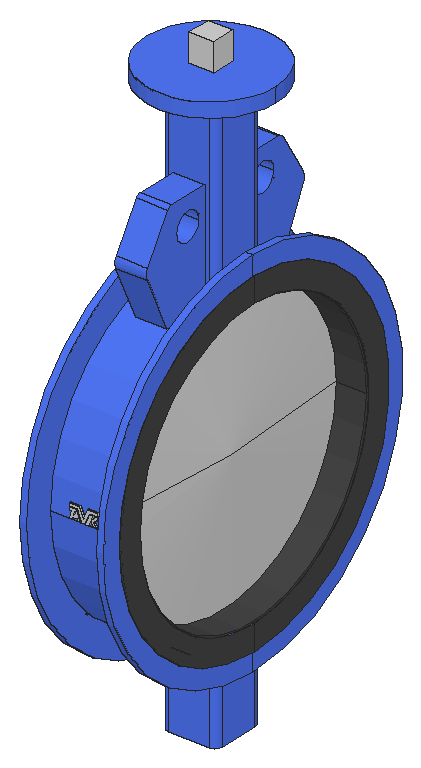
Revit family "820-00-024 DN200-300", category Pipe Accessories, Revit 2022
Family settings
  Round Connector Dimension = Use Diameter
  Part Type = Valve - Breaks Into
  Work Plane-Based = No
  Always vertical = Yes
  Cut with Voids When Loaded = No
  Shared = No
Parameters (values of type "DN200_PN10/16")
  fillet = 2 * Body_wallthickness  # 20 mm
  disk = LUG_T * 0.75  # 21.75 mm
  Wafer_dim1 = L2 + L2 * 0.35  # 175.5 mm
  Wafer_dim = L2 * 0.4  # 52 mm
  Wafer_Dim2 = Wafer_dim * 1.2  # 62.4 mm
  W2_ref = size_lookup(Search_table, "W2", 0 mm, DN)  # 240 mm
  URL product pages = "https://www.avkvalves.com/P.aspx?no=820006500521L0160002"
  Search_table = "820-00-024 DN200-300"
  PCD = size_lookup(Search_table, "PCD", 0 mm, DN) / 2  # 147.5 mm
  Lug_D = (Hole_dia / 2) * 1.4  # 14 mm
  L_ref_3 = L_ref / 1.2  # 31.667 mm
  L_ref_2 = L_ref * 2  # 76 mm
  L_ref = [L-2] - (Flange_thickness * 2)  # 38 mm
  LUG_T = [L-2] * 0.5  # 29 mm
  L2 = size_lookup(Search_table, "L2", 0 mm, DN) / 2  # 130 mm
  L-2 = size_lookup(Search_table, "L", 0 mm, DN) - 2 mm  # 58 mm
  L = size_lookup(Search_table, "L", 0 mm, DN)  # 60 mm
  ID = DN / 2  # 100 mm
  Hole_dia = size_lookup(Search_table, "Hole_dia", 0 mm, DN)  # 20 mm
  Hole_L1 = L2 + L2 * 0.2  # 156 mm
  Hole_L = L2 / 3.8  # 34.211 mm
  H2 = size_lookup(Search_table, "H2", 0 mm, DN)  # 174 mm
  Flange_thickness = size_lookup(Search_table, "Flange_Thickness", 0 mm, DN)  # 10 mm
  Fillet = Hole_dia  # 20 mm
  FL_T = Body_wallthickness + Body_wallthickness * 0.5  # 15 mm
  FL_R = ID + Body_wallthickness  # 110 mm
  F2 = size_lookup(Search_table, "F2", 0 mm, DN)  # 19 mm
  F = size_lookup(Search_table, "F", 0 mm, DN)  # 17 mm
  EPDM_R = L2 * 0.9  # 117 mm
  EPDM = ID - 1 mm  # 99 mm
  Description_ = "AVK CENTRIC BUTTERFLY VALVE WAFER TYPE, PN10/16"
  Default Elevation = 0 mm
  DN300_PN10/16 = "820-0300-00-521L0160002"
  DN = 200 mm
  Bore = DN / 2  # 100 mm
  Body_wallthickness = 10 mm  # constant formula
  DN250_PN10/16 = "820-0250-00-521L0160002"
  DN200_PN10/16 = "820-0200-00-521L0160002"
  Actuator_Dia = size_lookup(Search_table, "Actuator_Dia", 0 mm, DN)  # 90 mm
  90 = 90 mm  # constant formula
  1 = 1 mm  # constant formula
Types (4, lengths in mm): name | disk | Wafer_dim1 | Wafer_dim | Wafer_Dim2 | W2_ref | PCD | Lug_D | L_ref_3 | L_ref_2 | L_ref | LUG_T | L2 | L-2 | L | ID | Hole_dia | Hole_L1 | Hole_L | H2 | Flange_thickness | Fillet | FL_R | F2 | F | EPDM_R | EPDM | DN | Bore | Actuator_Dia
  (no name) | 21.75 | 175.5 | 52 | 62.4 | 240 | 147.5 | 14 | 31.667 | 76 | 38 | 29 | 130 | 58 | 60 | 100 | 20 | 156 | 34.211 | 174 | 10 | 20 | 110 | 19 | 17 | 117 | 99 | 200 | 100 | 90
  DN200_PN10/16 | 21.75 | 175.5 | 52 | 62.4 | 240 | 147.5 | 14 | 31.667 | 76 | 38 | 29 | 130 | 58 | 60 | 100 | 20 | 156 | 34.211 | 174 | 10 | 20 | 110 | 19 | 17 | 117 | 99 | 200 | 100 | 90
  DN250_PN10/16 | 24.75 | 209.25 | 62 | 74.4 | 279 | 177.5 | 17.15 | 38.333 | 92 | 46 | 33 | 155 | 66 | 68 | 125 | 24.5 | 186 | 40.789 | 201 | 10 | 24.5 | 135 | 24 | 22 | 139.5 | 124 | 250 | 125 | 150
  DN300_PN10/16 | 28.5 | 244.35 | 72.4 | 86.88 | 315 | 205 | 17.15 | 45 | 108 | 54 | 38 | 181 | 76 | 78 | 150 | 24.5 | 217.2 | 47.632 | 234 | 11 | 24.5 | 160 | 24 | 22 | 162.9 | 149 | 300 | 150 | 150
Reference planes
  plane 1 "Center (Front/Back)": y = 0
  plane 2: z = 0
  plane 3 "Center (Left/Right)": x = 0
  plane 4: z = 240
  plane 5: z = -174
  plane 6: y = 19
  plane 7: x = -19
  plane 8: y = -19
  plane 9: x = 19
  plane 10: x = -14
  plane 11: x = 14
  plane 12: y = -14
  plane 13: y = -14
  plane 14: x = -14
  plane 15: x = 14
  plane 16: y = 14
  plane 17: y = 14
  plane 18: z = 259
  plane 19: z = 100
  plane 20: z = -100
  plane 21: y = -130
  plane 22: y = 130
  plane 23: x = -29
  plane 24: x = 29
  plane 25: x = -14.5
  plane 26: x = 14.5
  plane 27: x = -14.5
  plane 28: x = 14.5
  plane 29: x = -14.5
  plane 30: x = 14.5
  plane 31: x = 8.5
  plane 32: x = -8.5
  plane 33: y = 45
  plane 34: y = -45
  plane 35: x = -29
  plane 36: x = 29
  plane 37: x = -45
  plane 38: x = 45
  plane 39: x = -30
  plane 40: x = 30
  plane 41: z = -100
Forms (mm)
  Revolve 1, solid, material "Plastic"
    sketch origin (0, 0, 0) x (1, 0, 0) y (0, 1, 0)
      loop
        line (-29, 110) -> (-29, 100) -> (29, 100) -> (29, 110) -> (-29, 110)
      axis (-29, 0) -> (29, 0)
    angle from 0 to 360
  Extrusion 2, solid, material "Plastic"
    sketch origin (0, 0, 0) x (1, 0, 0) y (0, 1, 0)
      loop
        arc (-14, 19) -> (-17.536, 17.536) -> (-19, 14) r 5
        line (-19, 14) -> (-19, -14)
        arc (-19, -14) -> (-17.536, -17.536) -> (-14, -19) r 5
        line (-14, -19) -> (14, -19)
        arc (14, -19) -> (17.536, -17.536) -> (19, -14) r 5
        line (19, -14) -> (19, 14)
        arc (19, 14) -> (17.536, 17.536) -> (14, 19) r 5
        line (14, 19) -> (-14, 19)
    from -174 to 230
  Extrusion 3, solid, material "Plastic"
    sketch origin (0, 0, 0) x (1, 0, 0) y (0, 1, 0)
      loop
        circle (0, 0) r 45
    from 230 to 240
  Extrusion 4, solid, material "Stainless Steel AISI 304"
    sketch origin (0, 0, 0) x (1, 0, 0) y (0, 1, 0)
      loop
        line (-8.5, 8.5) -> (-8.5, -8.5) -> (8.5, -8.5) -> (8.5, 8.5) -> (-8.5, 8.5)
    from 240 to 259
  Revolve 5, void
    sketch origin (0, 0, 0) x (1, 0, 0) y (0, 1, 0)
      loop
        line (-29, 100) -> (-29, 0) -> (29, 0) -> (29, 100) -> (-29, 100)
      axis (-29, 0) -> (29, 0)
    angle from 0 to 360
  Revolve 6, solid, material "Stainless Steel AISI 304"
    sketch origin (0, 0, 0) x (1, 0, 0) y (0, 1, 0)
      loop
        line (-14.5, 0) -> (14.5, 0)
        arc (14.5, 0) -> (12.689, 50.132) -> (7.25, 100) r 691.693
        line (7.25, 100) -> (-7.25, 100)
        arc (-7.25, 100) -> (-12.689, 50.132) -> (-14.5, 0) r 691.693
      axis (-14.5, 0) -> (14.5, 0)
    angle from 0 to 360
  Revolve 7, solid, material "Default Wall"
    sketch origin (0, 0, 0) x (1, 0, 0) y (0, 1, 0)
      loop
        line (-29, 100) -> (-29, 99) -> (29, 99) -> (29, 100) -> (-29, 100)
      axis (29, 0) -> (-29, 0)
    angle from 0 to 360
  Revolve 8, solid, material "Default Wall"
    sketch origin (0, 0, 0) x (1, 0, 0) y (0, 0, 1)
      loop
        line (-29, 117) -> (-30, 117) -> (-30, 100) -> (-29, 100) -> (-29, 117)
      loop
        line (29, 117) -> (29, 100) -> (30, 100) -> (30, 117) -> (29, 117)
      axis (-30, 0) -> (30, 0)
    angle from 0 to 360
  Revolve 9, solid, material "Plastic"
    sketch origin (0, 0, 0) x (1, 0, 0) y (0, 0, 1)
      loop
        line (29, -110) -> (24.199, -110) -> (24.199, -130) -> (29, -130) -> (29, -110)
      loop
        line (-29, -110) -> (-29, -130) -> (-24.199, -130) -> (-24.199, -110) -> (-29, -110)
      axis (29, 0) -> (-29, 0)
    angle from 0 to 360
  Extrusion 10, solid, material "Plastic"
    sketch origin (0, 0, 0) x (0, -1, 0) y (0, 0, -1)
      loop
        line (0, -175.5) -> (0, -100) -> (-52, -100) -> (-69.083, -137.305)
        arc (-69.083, -137.305) -> (-69.821, -141.237) -> (-68.628, -145.057) r 8.278
        line (-68.628, -145.057) -> (-51.303, -173.513)
        arc (-51.303, -173.513) -> (-49.795, -174.969) -> (-47.768, -175.5) r 4.139
        line (-47.768, -175.5) -> (0, -175.5)
      loop
        circle (-34.211, -156) r 10
    from -8.5 to 8.5
  Extrusion 11, solid, material "Plastic"
    sketch origin (0, 0, 0) x (0, 1, 0) y (0, 0, 1)
      loop
        line (0, 175.5) -> (-47.768, 175.5)
        arc (-47.768, 175.5) -> (-49.795, 174.969) -> (-51.303, 173.513) r 4.139
        line (-51.303, 173.513) -> (-68.628, 145.057)
        arc (-68.628, 145.057) -> (-69.821, 141.237) -> (-69.083, 137.305) r 8.278
        line (-69.083, 137.305) -> (-52, 100) -> (0, 100) -> (0, 175.5)
      loop
        circle (-34.211, 156) r 10
    from -11 to 11
Cuts and joins
  Revolve 5 cuts Revolve 1
  Revolve 5 cuts Extrusion 2
Dimensions and locks
  equal spacing: Revolve 1 sketch curve, plane 3 "Center (Left/Right)", Revolve 1 sketch curve
  "ID": plane 1 "Center (Front/Back)" to Revolve 1 sketch curve
  "Body_wallthickness": Revolve 1 sketch curve to Revolve 1 sketch curve
  "W2_ref": plane 4 to level
  "H2": level to plane 5
  locked: plane 7 to plane 10 at 5
  locked: plane 11 to plane 9 at 5
  locked: plane 6 to plane 16 at 5
  locked: plane 12 to plane 8 at 5
  locked: plane 15 to plane 9 at 5
  locked: plane 7 to plane 14 at 5
  locked: plane 13 to plane 8 at 5
  locked: plane 17 to plane 6 at 5
  equal spacing: plane 7, plane 3 "Center (Left/Right)", plane 9
  "L_ref": plane 7 to plane 9
  equal spacing: plane 6, plane 1 "Center (Front/Back)", plane 8
  "L_ref": plane 6 to plane 8
  "Flange_thickness": plane 4 to Extrusion 3
  "F2": plane 18 to plane 4
  equal spacing: plane 19, level, plane 20
  "ID": plane 19 to level
  "L2": plane 1 "Center (Front/Back)" to plane 21
  equal spacing: plane 22, plane 1 "Center (Front/Back)", plane 21
  plane 18 to plane 4 = 19 mm
  equal spacing: Extrusion 4 sketch curve, plane 3 "Center (Left/Right)", Extrusion 4 sketch curve
  equal spacing: Extrusion 4 sketch curve, plane 1 "Center (Front/Back)", Extrusion 4 sketch curve
  "F": Extrusion 4 sketch curve to Extrusion 4 sketch curve  (x2)
  equal spacing: plane 24, plane 3 "Center (Left/Right)", plane 23
  "L-2": plane 24 to plane 23
  equal spacing: Revolve 5 sketch curve, plane 3 "Center (Left/Right)", Revolve 5 sketch curve
  "L-2": Revolve 5 sketch curve to Revolve 5 sketch curve
  "ID": plane 1 "Center (Front/Back)" to Revolve 5 sketch curve
  "L-2": Revolve 1 sketch curve to Revolve 1 sketch curve
  "Flange_thickness": plane 4 to cut or joined group of Extrusion 2, Revolve 5
  equal spacing: plane 23, Extrusion 3 sketch curve, plane 24
  equal spacing: plane 21, Extrusion 3 sketch curve, plane 22
  equal spacing: plane 26, plane 3 "Center (Left/Right)", plane 25
  "LUG_T": plane 26 to plane 25
  equal spacing: Revolve 7 sketch curve, plane 3 "Center (Left/Right)", Revolve 7 sketch curve
  "EPDM": plane 1 "Center (Front/Back)" to Revolve 7 sketch curve
  "ID": plane 1 "Center (Front/Back)" to Revolve 7 sketch curve
  "ID": plane 1 "Center (Front/Back)" to Revolve 6 sketch curve
  equal spacing: plane 24, nested 1, plane 23
  equal spacing: Revolve 6 sketch curve, plane 3 "Center (Left/Right)", Revolve 6 sketch curve  (x2)
  equal spacing: plane 27, plane 3 "Center (Left/Right)", plane 28
  "LUG_T": plane 27 to plane 28
  "LUG_T": plane 27 to Revolve 6 sketch curve
  "disk": Revolve 6 sketch curve to plane 28
  equal spacing: plane 30, plane 3 "Center (Left/Right)", plane 29
  "LUG_T": plane 30 to plane 29
  plane 22 to plane 21 = 260 mm
  plane 24 to plane 23 = 58 mm
  equal spacing: plane 31, plane 3 "Center (Left/Right)", plane 32
  "F": plane 32 to plane 31
  equal spacing: plane 33, plane 1 "Center (Front/Back)", plane 34
  "Actuator_Dia": plane 33 to plane 34
  "Bore": Revolve 8 sketch curve to level
  equal spacing: plane 36, plane 3 "Center (Left/Right)", plane 35
  "L-2": plane 36 to plane 35
  "1": plane 35 to Revolve 8 sketch curve
  equal spacing: Revolve 8 sketch curve, plane 3 "Center (Left/Right)", Revolve 8 sketch curve
  equal spacing: plane 38, plane 3 "Center (Left/Right)", plane 37
  "Actuator_Dia": plane 37 to plane 38
  equal spacing: plane 40, plane 3 "Center (Left/Right)", plane 39
  "L": plane 40 to plane 39
  equal spacing: Revolve 9 sketch curve, plane 3 "Center (Left/Right)", Revolve 9 sketch curve  (x2)
  "ID": plane 41 to level
  "Body_wallthickness": Revolve 9 sketch curve to plane 41
  "L2": Revolve 9 sketch curve to level
  "EPDM_R": Revolve 8 sketch curve to level
  Extrusion 10 to Extrusion 10 = 17 mm
  "Wafer_dim1": Extrusion 10 sketch curve to level
  "Hole_L1": Extrusion 10 sketch curve to level
  "Hole_L": Extrusion 10 sketch curve to plane 1 "Center (Front/Back)"
  "Wafer_dim": Extrusion 10 sketch curve to plane 1 "Center (Front/Back)"
  "Wafer_dim1": Extrusion 11 sketch curve to level
  "Hole_L1": Extrusion 11 sketch curve to level
  "Wafer_dim": plane 1 "Center (Front/Back)" to Extrusion 11 sketch curve
  "Hole_L": plane 1 "Center (Front/Back)" to Extrusion 11 sketch curve
  "Actuator_Dia": diameter of Extrusion 3 sketch curve
  "Hole_dia": diameter of Extrusion 10 sketch curve
  "Hole_dia": diameter of Extrusion 11 sketch curve
  aligned and locked: level to plane 2
  aligned and locked: plane 1 "Center (Front/Back)" to Revolve 1 sketch curve
  aligned and locked: plane 11 to Extrusion 2 sketch curve
  aligned and locked: plane 6 to Extrusion 2 sketch curve  (x2)
  aligned and locked: plane 16 to Extrusion 2 sketch curve
  aligned and locked: plane 9 to Extrusion 2 sketch curve  (x2)
  aligned and locked: plane 12 to Extrusion 2 sketch curve
  aligned and locked: plane 8 to Extrusion 2 sketch curve  (x2)
  aligned and locked: plane 15 to Extrusion 2 sketch curve
  aligned and locked: plane 14 to Extrusion 2 sketch curve
  aligned and locked: plane 7 to Extrusion 2 sketch curve  (x2)
  aligned and locked: plane 13 to Extrusion 2 sketch curve
  aligned and locked: plane 17 to Extrusion 2 sketch curve
  aligned and locked: plane 10 to Extrusion 2 sketch curve
  aligned and locked: Extrusion 2 to plane 5
  aligned and locked: Extrusion 3 to plane 4
  aligned and locked: plane 18 to Extrusion 4
  aligned and locked: plane 4 to Extrusion 4
  aligned and locked: Revolve 5 sketch curve to plane 1 "Center (Front/Back)"
  aligned and locked: plane 1 "Center (Front/Back)" to Revolve 5 sketch curve
  aligned and locked: Revolve 6 sketch curve to plane 1 "Center (Front/Back)"
  aligned and locked: plane 23 to Revolve 7 sketch curve
  aligned and locked: Revolve 7 sketch curve to plane 1 "Center (Front/Back)"
  aligned and locked: plane 35 to Revolve 8 sketch curve
  aligned and locked: plane 36 to Revolve 8 sketch curve
  aligned and locked: plane 19 to Revolve 8 sketch curve
  aligned and locked: Revolve 8 sketch curve to Revolve 8 sketch curve
  aligned and locked: Revolve 8 sketch curve to level
  aligned and locked: Revolve 9 sketch curve to Revolve 9 sketch curve  (x2)
  aligned and locked: Revolve 9 sketch curve to plane 24
  aligned and locked: Revolve 9 sketch curve to level
  aligned and locked: Extrusion 10 to plane 32
  aligned and locked: Extrusion 10 to plane 31
  aligned and locked: Extrusion 10 sketch curve to plane 1 "Center (Front/Back)"
  aligned and locked: plane 19 to Extrusion 10 sketch curve
  aligned and locked: Extrusion 11 to plane 1 "Center (Front/Back)"
Automatic sketch dimensions
  Revolve 1 sketch curve to plane 23 = 0 mm
  Revolve 1 sketch curve to plane 24 = 0 mm
  Revolve 5 sketch curve to plane 37 = 40.113 mm
  Revolve 5 sketch curve to plane 38 = 46.639 mm
  plane 1 "Center (Front/Back)" to Revolve 6 sketch curve = 0 mm
  Revolve 6 sketch curve to plane 1 "Center (Front/Back)" = 0.115 mm  (x2)
  Revolve 6 sketch curve to Revolve 6 sketch curve = 0.465 mm
  Revolve 6 sketch curve to Revolve 6 sketch curve = 0.194 mm
  Revolve 7 sketch curve to plane 38 = 18.036 mm
  Revolve 7 sketch curve to Revolve 7 sketch curve = 12.301 mm
  Revolve 8 sketch curve to plane 37 = 14.325 mm
  Revolve 8 sketch curve to plane 38 = 30.809 mm
  plane 23 to Revolve 9 sketch curve = 4.801 mm
  Revolve 9 sketch curve to plane 37 = 48.089 mm
  Revolve 9 sketch curve to plane 38 = 11.911 mm
  Extrusion 10 sketch curve to plane 33 = 2.768 mm
  Extrusion 10 sketch curve to Extrusion 10 sketch curve = 3.536 mm
  Extrusion 10 sketch curve to plane 33 = 16.557 mm
  Extrusion 10 sketch curve to Extrusion 10 sketch curve = 7.071 mm
  Extrusion 10 sketch curve to Extrusion 10 sketch curve = 0.456 mm
  Extrusion 11 sketch curve to plane 1 "Center (Front/Back)" = 0 mm
  Extrusion 11 sketch curve to plane 19 = 0 mm
  Extrusion 11 sketch curve to plane 34 = 2.768 mm
  Extrusion 11 sketch curve to Extrusion 11 sketch curve = 3.536 mm
  Extrusion 11 sketch curve to plane 34 = 16.557 mm
  Extrusion 11 sketch curve to Extrusion 11 sketch curve = 7.071 mm
  Extrusion 11 sketch curve to Extrusion 11 sketch curve = 0.456 mm
Nested families
  nested 1: "Latest New 3" at (0, -109.995, 1.02) x (1, 0, 0) z (0, -1, 0.0093), type "Latest New 3"
Connectors
  piping at (29, 0, 0), diameter 200, driven by "DN"
    settings: on Revolve 1, index 1, connector inside diameter 609.6 mm, connector length 0 mm, flow factor 0, pipe flow 0.0 L/s, pressure drop 0.0 Pa, fitting loss kfactor 0, connector angle 0.00°, fixture units 0, engagement length 0 mm, angle of deflection 0.00°, flow configuration 0, flow direction 0, fitting loss method 0, system type 7, joint type 0, gender type 0, connector reference index -1, connector utility 0, adjustable connector no, is connector primary yes, connector description ""
  piping at (-29, 0, 0), diameter 200, driven by "DN"
    settings: on cut or joined group of Revolve 1, Revolve 5, index 2, connector inside diameter 609.6 mm, connector length 0 mm, flow factor 0, pipe flow 0.0 L/s, pressure drop 0.0 Pa, fitting loss kfactor 0, connector angle 0.00°, fixture units 0, engagement length 0 mm, angle of deflection 0.00°, flow configuration 0, flow direction 0, fitting loss method 0, system type 7, joint type 0, gender type 0, connector reference index -1, connector utility 0, adjustable connector no, is connector primary no, connector description ""
Definition of nested family "Latest New 3"
  Parameters
    Default Elevation = 1219.2 mm
  Reference planes
    plane 1 "Center (Front/Back)": y = 0
    plane 2: z = 0
    plane 3 "Center (Left/Right)": x = 0
  Forms (mm)
    Extrusion 1, solid
      sketch origin (0, 0, 0) x (1, 0, 0) y (0, 1, 0)
        loop
          line (-1219.2, 1219.2) -> (-1219.2, -1219.2) -> (1219.2, -1219.2) -> (1219.2, 1219.2) -> (-1219.2, 1219.2)
      from 0 to -304.8
    Extrusion 2, solid
      sketch origin (0, 0, 0) x (1, 0, 0) y (0, 1, 0)
        loop
          line (-2.683, 9.413) -> (-9.884, 9.413) -> (-9.884, 7.46) -> (-4.022, 7.46) -> (-0.985, 0) -> (0.985, 0) -> (4.022, 7.46) -> (9.884, 7.46) -> (9.884, 9.413) -> (2.683, 9.413) -> (0, 2.824) -> (-2.683, 9.413)
        loop
          line (-4.528, 6.707) -> (-9.884, 6.707) -> (-9.884, 4.824) -> (-8.032, 4.824) -> (-9.884, 0) -> (-7.792, 0) -> (-7.394, 1.035) -> (-4.328, 1.035) -> (-3.907, 0) -> (-1.798, 0) -> (-4.528, 6.707)
        loop
          line (-6.91, 2.824) -> (-5.056, 2.824) -> (-6.01, 5.167) -> (-6.91, 2.824)
        loop
          line (1.798, 0) -> (3.907, 0) -> (4.98, 2.637) -> (6.968, 0) -> (9.413, 0) -> (7.166, 2.983)
          arc (7.166, 2.983) -> (8.216, 3.774) -> (9.007, 4.824) r 4.724
          line (9.007, 4.824) -> (9.884, 4.824) -> (9.884, 6.707) -> (8.001, 6.707)
          arc (8.001, 6.707) -> (7.315, 5.008) -> (5.642, 4.261) r 2.448
          line (5.642, 4.261) -> (6.637, 6.707) -> (4.528, 6.707) -> (1.798, 0)
      from 0 to 1
  Dimensions and locks
    aligned and locked: plane 2 to Extrusion 1
    aligned and locked: level to Extrusion 1
    aligned and locked: Extrusion 2 sketch curve to import instance  (x30)
